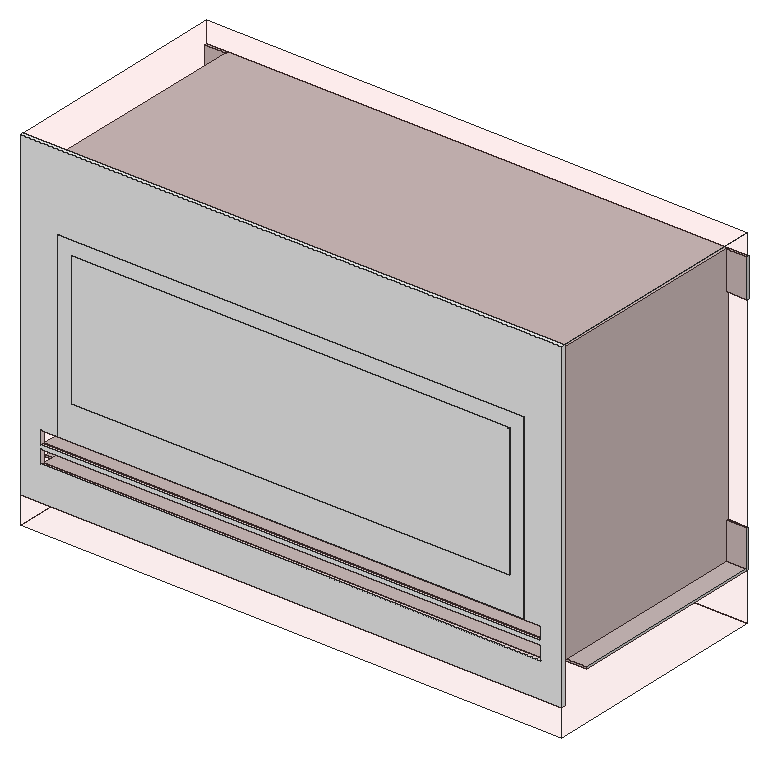
Revit family "Air-Curtain_Vestibule-Except_PoweredAire_CHA", category Mechanical Equipment, host Face, Revit 2018
Family settings
  Host = Face
  Round Connector Dimension = Use Diameter
  Part Type = Normal
  OmniClass Number = 23.75.35.17.21
  OmniClass Title = Air Curtains
  Cut with Voids When Loaded = No
  Shared = No
  Room Calculation Point = No
Parameters
  Warranty Duration (Years) = 0
  Unit Width Notes = "Other Widths available."  # constant formula
  Unit Width = 3' - 3"
  Unit Weight = 0
  Unit Height = 1' - 4 3/4"
  Unit Depth = 1' - 11 1/4"
  URL = "http://www.poweredaire.com/"
  Test Data = ""
  Standards Conformance = "as Specified"
  Specification = "http://www.arcat.com/sdspecs/htm04/23_34_33pai.htm"
  SpecWizard = ""
  Sound Pressure = "as Specified"
  Sales Information = "http://www.poweredaire.com/contact_us"
  Revision = "R1_2016-08"
  Projection from Host [instance] = 0' - 2"
  Product Properties = ""
  Product Data = "http://www.arcat.com/arcatcos/cos47/arc47623.html"
  Power Rating = 0 W
  Nozzle Width = if(1 = 1, Unit Width - 0' 3", 0' 0")  # 3' - 0"
  Mounting Width = if(1 = 1, Unit Width - 0' 1 1/2", 0' 0")  # 3' - 1 1/2"
  Mounting Height [instance] = 3' - 6"
  Motor RPM = 0
  Motor HP = 0
  Motor Count = 0
  Model = "As Specified"
  Max Height = 0' - 0"
  Manufacturer Website = "http://www.poweredaire.com/"
  Manufacturer Phone - Toll Free = "888-321-2473"
  Manufacturer Phone = "724-588-3305"
  Manufacturer Fax = "724-588-3371"
  Manufacturer Address = "109 Mortensen Rd.  Greenville, PA 16125"
  Manufacturer = "Powered Aire, Inc"
  Maintenance Schedule (Months) = 0
  Keynote = "23 34 33"
  Installation-Fabrication = ""
  Installation Phase = ""
  Include Clearance [instance] = yes
  Heating Element Load = 0 W
  HVAC_Temperature Rise = 0 °F
  HVAC_Outlet Volume = 0 CFM
  HVAC_Outlet Velocity Uniformity = 0
  HVAC_Outlet Velocity = 0 FPM
  Green Building-LEED = "http://www.arcat.com/green/clients/leed_data_47623.html"
  Front Grating Material [instance] = Metal - Steel - PoweredAire - White Perforated
  Frame Finish [instance] = Metal - Steel - PoweredAire - Stainless 304
  Expected Lifespan (Years) = 0
  Electrical_Wattage [instance] = Power Rating + Heating Element Load  # 0 W
  Electrical_Voltage [instance] = 0 V
  Electrical_Phase [instance] = 1
  Electrical_Frequency [instance] = 0 Hz
  Electrical_Amperage [instance] = 0 A
  Drawn By = "Sumex Design, Inc. / Robert S. Weygant, CSI, CDT, SCIP"
  Description = "Powered Aire Air Curtain as Specified"
  Default Elevation = 0' - 0"  # constant formula
  Cover Finish [instance] = Metal - Steel - PoweredAire - White
  Copyright = "©Arcat Inc."
  Construction Details = "http://www.arcat.com/details/powair/prod3336.html"
  Clearance_Top [instance] = 0' - 0"
  Clearance_Side B [instance] = 0' - 0"
  Clearance_Side A [instance] = 0' - 0"
  Clearance_Intake [instance] = 0' - 0"
  Clearance_Front [instance] = 0' - 0"
  Clearance Material [instance] = ARCAT Clearance
  Building Codes = ""
  Available Options [instance] = "as Specified"
  Assembly Code = "D3090400"
Reference planes (in)
  plane 1 "Center (Elevation)": y = 8.51318
  plane 2: z = 0
  plane 3 "Center (Left/Right)": x = 0
  plane 4: y = 16.88818
  plane 5: y = 0.13818
  plane 6: x = -19.5
  plane 7: x = 19.5
  plane 8: z = 25.25
  plane 9 "FF": y = -41.86182
  plane 10: z = 2
  plane 11: x = 18
  plane 12: x = -18
  plane 13: y = 16.88818
  plane 14: y = 0.13818
  plane 15: x = -19.5
  plane 16: x = 19.5
  plane 17: z = 25.25
  plane 18: y = 0.38818
Forms (in)
  Extrusion 1, solid, material "ARCAT Clearance" <- "Clearance Material", visible <- "Include Clearance"
    sketch origin (0, 0, 0) x (0, 1, 0) y (0, 0, 1)
      loop
        line (0.13818, 25.25) -> (0.13818, 0) -> (16.88818, 0) -> (16.88818, 25.25) -> (0.13818, 25.25)
    from -19.5 to 19.5
  Extrusion 2, solid, material "Metal - Steel - PoweredAire - White" <- "Cover Finish"
    sketch origin (0, 8.51318, 0) x (1, 0, 0) y (0, 0, 1)
      loop
        line (-19.5, 25.25) -> (-19.5, 2) -> (19.5, 2) -> (19.5, 25.25) -> (-19.5, 25.25)
    from 8.125 to 8.375
  Extrusion 3, solid, material "Metal - Steel - PoweredAire - Stainless 304" <- "Frame Finish"
    sketch origin (0, 8.51318, 0) x (1, 0, 0) y (0, 0, 1)
      loop
        line (18, 23.75) -> (-18, 23.75) -> (-18, 3.5) -> (18, 3.5) -> (18, 23.75)
    from -8.375 to 8.125
  Extrusion 4, void
    sketch origin (0, 0, 0) x (0, 1, 0) y (0, 0, 1)
      loop
        line (0.13818, 5.5) -> (0.13818, 4.5) -> (1.88818, 4.5) -> (1.88818, 6.75) -> (0.13818, 6.75) -> (0.13818, 5.75) -> (1.63818, 5.75) -> (1.63818, 5.5) -> (0.13818, 5.5)
    from -18 to 18
  Extrusion 5, solid, material "Metal - Steel - PoweredAire - White" <- "Cover Finish"
    sketch origin (-11.83813, 0.13818, 48) x (-1, 0, 0) y (0, 0, 1)
      loop
        line (4.91187, -41.25) -> (4.91187, -28.25) -> (-28.58813, -28.25) -> (-28.58813, -41.25) -> (4.91187, -41.25)
    from 0 to -0.03125
  Extrusion 6, solid, material "Metal - Steel - PoweredAire - White Perforated" <- "Front Grating Material"
    sketch origin (-11.83813, 0.10693, 48) x (1, 0, 0) y (0, 0, 1)
      loop
        line (-3.91187, -29.25) -> (-3.91187, -38.75) -> (27.58813, -38.75) -> (27.58813, -29.25) -> (-3.91187, -29.25)
    from 0 to 0.03125
  Extrusion 7, solid, material "Metal - Steel - PoweredAire - Stainless 304" <- "Frame Finish"
    sketch origin (-15.17702, -180, 2) x (-1, 0, 0) y (0, -1, 0)
      loop
        line (-33.17702, -196.88818) -> (-33.17702, -182.38818) -> (-34.67702, -182.38818) -> (-34.67702, -196.88818) -> (-33.17702, -196.88818)
      loop
        line (2.82298, -196.88818) -> (4.32298, -196.88818) -> (4.32298, -182.38818) -> (2.82298, -182.38818) -> (2.82298, -196.88818)
    from 1.5 to 1.625
  Extrusion 8, solid, material "Metal - Steel - PoweredAire - Stainless 304" <- "Frame Finish"
    sketch origin (-11.83813, 16.88818, 48) x (-1, 0, 0) y (0, 0, 1)
      loop
        line (7.66187, -44.5) -> (7.66187, -41.75) -> (6.16187, -41.75) -> (6.16187, -44.5) -> (7.66187, -44.5)
      loop
        line (-31.33813, -44.5) -> (-29.83813, -44.5) -> (-29.83813, -41.75) -> (-31.33813, -41.75) -> (-31.33813, -44.5)
      loop
        line (7.66187, -27) -> (7.66187, -24.25) -> (6.16187, -24.25) -> (6.16187, -27) -> (7.66187, -27)
      loop
        line (-31.33813, -27) -> (-29.83813, -27) -> (-29.83813, -24.25) -> (-31.33813, -24.25) -> (-31.33813, -27)
    from 0 to -0.125
Cuts and joins
  Extrusion 4 cuts Extrusion 2
  Extrusion 4 cuts Extrusion 3
Dimensions and locks (in)
  equal spacing: plane 4, plane 1 "Center (Elevation)", plane 5
  "Unit Height": plane 4 to plane 5
  equal spacing: plane 6, plane 3 "Center (Left/Right)", plane 7
  "Unit Width": plane 6 to plane 7
  "Mounting Height": plane 5 to plane 9 "FF"
  "Projection from Host": plane 10 to level
  "Unit Depth": plane 8 to plane 10
  locked: plane 6 to plane 12 at 1.5
  locked: plane 11 to plane 7 at 1.5
  "Clearance_Side A": plane 7 to plane 16
  "Clearance_Side B": plane 15 to plane 6
  "Clearance_Top": plane 13 to plane 4
  "Clearance_Intake": plane 5 to plane 14
  "Clearance_Front": plane 17 to plane 8
  locked: plane 8 to Extrusion 3 sketch curve at 1.5
  locked: Extrusion 3 sketch curve to plane 10 at 1.5
  locked: plane 7 to Extrusion 3 sketch curve at 1.5
  locked: Extrusion 3 sketch curve to plane 6 at 1.5
  locked: plane 18 to plane 5 at 0.25
  Extrusion 4 sketch curve to Extrusion 4 sketch curve to Extrusion 4 sketch curve to Extrusion 4 sketch curve to plane 10 = 0' - 1" locked, 0' - 0 1/4" locked, 0' - 1" locked, 0' - 2 1/2" locked
  Extrusion 5 sketch curve to Extrusion 5 sketch curve to plane 10 = 1' - 1" locked, 0' - 4 3/4" locked
  locked: plane 11 to Extrusion 5 sketch curve at 1.25
  locked: Extrusion 5 sketch curve to plane 12 at 1.25
  Extrusion 6 sketch curve to Extrusion 6 sketch curve to plane 10 = 0' - 9 1/2" locked, 0' - 7 1/4" locked
  locked: Extrusion 6 sketch curve to plane 12 at 2.25
  locked: plane 11 to Extrusion 6 sketch curve at 2.25
  locked: plane 4 to Extrusion 7 sketch curve at 14.5  (x2)
  Extrusion 8 sketch curve to Extrusion 8 sketch curve to Extrusion 8 sketch curve to Extrusion 8 sketch curve to plane 10 = 0' - 2 3/4" locked, 1' - 2 3/4" locked, 0' - 2 3/4" locked, 0' - 1 1/2" locked  (x2)
  aligned and locked: plane 2 to host face
  aligned and locked: level to host face
  aligned and locked: Extrusion 1 sketch curve to plane 17
  aligned and locked: plane 14 to Extrusion 1 sketch curve
  aligned and locked: level to Extrusion 1 sketch curve
  aligned and locked: Extrusion 1 sketch curve to plane 13
  aligned and locked: plane 16 to Extrusion 1
  aligned and locked: Extrusion 1 to plane 15
  aligned and locked: Extrusion 2 sketch curve to plane 8
  aligned and locked: plane 6 to Extrusion 2 sketch curve
  aligned and locked: Extrusion 2 sketch curve to plane 10
  aligned and locked: Extrusion 2 sketch curve to plane 7
  aligned and locked: Extrusion 3 to plane 4
  aligned and locked: Extrusion 3 to plane 18
  aligned and locked: Extrusion 2 to plane 18
  aligned and locked: Extrusion 2 to plane 5
  aligned and locked: plane 11 to Extrusion 4
  aligned and locked: Extrusion 4 to plane 12
  aligned and locked: Extrusion 7 sketch curve to plane 4  (x2)
Automatic sketch dimensions
  host sketch curve to host sketch curve = 8' - 0"  (x2)
  Extrusion 4 sketch curve to plane 5 = 0' - 0"  (x2)
  plane 18 to Extrusion 4 sketch curve = 0' - 1 1/4"
  Extrusion 4 sketch curve to Extrusion 4 sketch curve = 0' - 0 1/4"
  Extrusion 7 sketch curve to plane 7 = 0' - 0"
  Extrusion 7 sketch curve to plane 11 = 0' - 0"
  Extrusion 7 sketch curve to plane 12 = 0' - 0"
  Extrusion 7 sketch curve to plane 6 = 0' - 0"
  Extrusion 8 sketch curve to plane 7 = 0' - 0"  (x2)
  Extrusion 8 sketch curve to plane 11 = 0' - 0"  (x2)
  Extrusion 8 sketch curve to plane 12 = 0' - 0"  (x2)
  Extrusion 8 sketch curve to plane 6 = 0' - 0"  (x2)
Connectors (in)
  electrical at (-18, 4.88818, 9.625), driven by "Electrical_Voltage", driven by "Electrical_Phase"
    settings: on cut or joined group of Extrusion 3, Extrusion 4, index 1, voltage 0 V, apparent load 0 VA, apparent load phase1 0 VA, apparent load phase2 0 VA, apparent load phase3 0 VA, power factor 1, load classification "Other", number of poles 1, system type 31, power factor state 1, is connector primary yes, connector utility no, sub classification motor no, connector description ""
